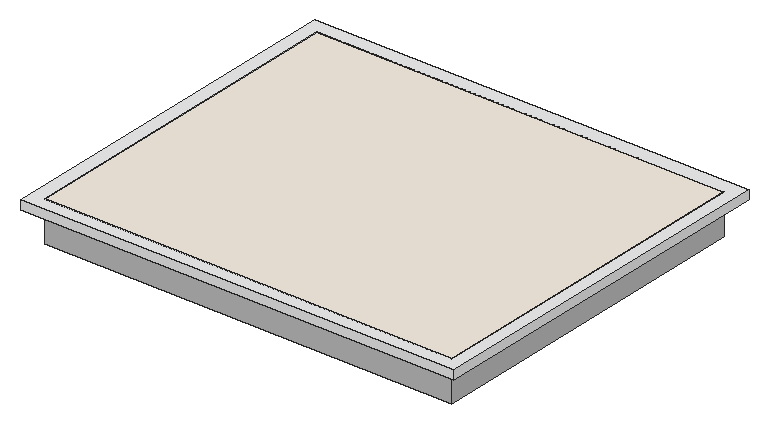
Revit family "Lighting-Industriale-GEWISS-ELIA-HL-LED_RIFLETTORE", category Apparecchi per illuminazione, host Superficie, Revit 2019 (continued)
Types (12, lengths in mm): name | Tensione | Scheda Tecnica | Potenza di sistema | Peso (kg): | Peso (kg) | Ottica | built-in parameter 1150142 | Lumen output (lm) | Modello | IDT | File diagramma fotometrico | Description
  GWF1001QH840 - ELIA HL L2 60° 4000K S.ALONE DALI | "220-240 V " | "https://www.gewiss.com/it/it/search?q=GWF1001QH840" | "200W" | "4,3" | "4,3" | "60°" | "IESNA:LM-63-1995\r\n[TEST] HB25-120-4080-60D-H00111\r\n[DATE] 27 Nov 2019\r\n[MANUFAC] GEWISS\r\n[LUMCAT] GWF1001QH840\r\n[LUMINAIRE] ELIA HL - L2 60° LED840 200W - DALI\r\n[FLASHAREA] 0.013851\r\n[LAMPCAT] LED 200W/27850lm\r\n[LAMP] LED 200W/27850lm\r\nTILT=NONE\r\n1 27850.00 1.0 181 37 1 2 -0.270 0.000 0.000\r\n1.00 1.00 200.00\r\n0.00 0.50 1.00 1.50 2.00 2.50 3.00 3.50 4.00 4.50 5.00 \r\n5.50 6.00 6.50 7.00 7.50 8.00 8.50 9.00 9.50 10.00 10.50 \r\n11.00 11.50 12.00 12.50 13.00 13.50 14.00 14.50 15.00 \r\n15.50 16.00 16.50 17.00 17.50 18.00 18.50 19.00 19.50 \r\n20.00 20.50 21.00 21.50 22.00 22.50 23.00 23.50 24.00 \r\n24.50 25.00 25.50 26.00 26.50 27.00 27.50 28.00 28.50 \r\n29.00 29.50 30.00 30.50 31.00 31.50 32.00 32.50 33.00 \r\n33.50 34.00 34.50 35.00 35.50 36.00 36.50 37.00 37.50 \r\n38.00 38.50 39.00 39.50 40.00 40.50 41.00 41.50 42.00 \r\n42.50 43.00 43.50 44.00 44.50 45.00 45.50 46.00 46.50 \r\n47.00 47.50 48.00 48.50 49.00 49.50 50.00 50.50 51.00 \r\n51.50 52.00 52.50 53.00 53.50 54.00 54.50 55.00 55.50 \r\n56.00 56.50 57.00 57.50 58.00 58.50 59.00 59.50 60.00 \r\n60.50 61.00 61.50 62.00 62.50 63.00 63.50 64.00 64.50 \r\n65.00 65.50 66.00 66.50 67.00 67.50 68.00 68.50 69.00 \r\n69.50 70.00 70.50 71.00 71.50 72.00 72.50 73.00 73.50 \r\n74.00 74.50 75.00 75.50 76.00 76.50 77.00 77.50 78.00 \r\n78.50 79.00 79.50 80.00 80.50 81.00 81.50 82.00 82.50 \r\n83.00 83.50 84.00 84.50 85.00 85.50 86.00 86.50 87.00 \r\n87.50 88.00 88.50 89.00 89.50 90.00 \r\n0.00 2.50 5.00 7.50 10.00 12.50 15.00 17.50 20.00 22.50 \r\n25.00 27.50 30.00 32.50 35.00 37.50 40.00 42.50 45.00 \r\n47.50 50.00 52.50 55.00 57.50 60.00 62.50 65.00 67.50 \r\n70.00 72.50 75.00 77.50 80.00 82.50 85.00 87.50 90.00 \r\n20514.31 20514.31 20505.95 20492.03 20469.75 20441.90 \r\n20414.05 20383.42 20347.21 20308.22 20266.45 20221.89 \r\n20171.76 20118.84 20057.57 19993.51 19921.10 19845.91 \r\n19767.93 19684.38 19598.05 19508.92 19414.24 19319.55 \r\n19222.07 19121.81 19018.76 18910.15 18798.75 18681.78 \r\n18559.24 18431.13 18297.45 18163.77 18027.31 17888.06 \r\n17746.02 17601.20 17453.60 17308.78 17158.39 17002.42 \r\n16838.11 16665.44 16484.42 16295.04 16097.30 15888.43 \r\n15676.76 15462.32 15242.31 15011.15 14774.43 14534.92 \r\n14284.26 14008.55 13716.13 13406.99 13089.50 12772.01 \r\n12451.74 12128.68 11808.40 11493.69 11190.13 10897.71 \r\n10613.64 10337.92 10067.77 9803.20 9538.63 9276.84 \r\n9015.05 8753.26 8497.04 8246.39 8001.31 7756.23 7516.72 \r\n7282.78 7057.19 6837.18 6625.52 6419.43 6218.91 6012.82 \r\n5806.73 5606.21 5414.04 5227.44 5046.42 4873.75 4706.65 \r\n4545.12 4383.59 4222.06 4063.32 3912.93 3768.11 3620.50 \r\n3481.25 3350.36 3227.82 3110.85 2996.66 2890.83 2787.78 \r\n2683.90 2581.97 2488.12 2398.16 2309.04 2221.87 2135.26 \r\n2051.15 1971.78 1895.47 1821.11 1750.37 1686.32 1625.05 \r\n1561.83 1500.56 1445.69 1393.34 1341.81 1291.40 1241.27 \r\n1193.65 1152.43 1112.61 1068.88 1025.72 987.28 950.80 \r\n914.32 880.06 851.65 824.64 795.40 765.04 732.73 699.87 \r\n667.56 637.49 611.86 589.31 568.70 548.64 524.97 501.02 \r\n478.74 458.13 439.19 421.93 406.89 394.91 387.95 381.82 \r\n373.19 360.94 342.00 320.83 300.50 280.17 259.76 238.37 \r\n214.75 189.85 164.09 137.89 111.01 85.95 65.48 48.24 \r\n33.64 22.04 13.82 8.42 5.32 4.70 \r\n20514.31 20514.31 20505.95 20492.03 20471.14 20443.29 \r\n20414.05 20382.02 20348.60 20309.61 20266.45 20221.89 \r\n20171.76 20116.06 20056.18 19989.34 19918.32 19844.52 \r\n19765.15 19681.60 19598.05 19507.53 19415.63 19320.94 \r\n19226.25 19125.99 19020.16 18911.54 18800.14 18683.17 \r\n18560.63 18431.13 18298.84 18165.16 18028.70 17889.45 \r\n17747.41 17602.59 17456.38 17310.17 17159.78 17003.82 \r\n16840.90 16669.62 16488.59 16296.43 16097.30 15889.82 \r\n15676.76 15462.32 15242.31 15012.54 14777.21 14537.70 \r\n14285.66 14011.34 13718.91 13411.17 13095.07 12774.80 \r\n12455.91 12134.25 11818.15 11506.23 11202.66 10908.84 \r\n10626.17 10346.27 10074.74 9808.77 9544.19 9279.62 \r\n9017.83 8756.04 8497.04 8246.39 7999.91 7759.01 7520.89 \r\n7289.74 7064.15 6844.14 6631.09 6424.99 6223.08 6016.99 \r\n5812.30 5610.38 5414.04 5226.05 5043.64 4869.57 4699.69 \r\n4535.37 4375.23 4212.31 4053.57 3903.18 3756.97 3610.75 \r\n3471.50 3343.39 3220.85 3102.49 2991.09 2883.87 2781.10 \r\n2676.94 2575.85 2481.85 2391.76 2303.20 2216.30 2130.11 \r\n2046.14 1966.07 1888.93 1814.43 1743.69 1679.49 1617.81 \r\n1555.14 1494.71 1439.43 1387.07 1335.55 1285.42 1235.70 \r\n1188.36 1147.28 1107.46 1064.57 1022.37 984.36 948.15 \r\n911.53 877.14 847.89 820.32 791.50 761.84 730.64 698.90 \r\n667.29 637.35 611.17 587.50 566.61 546.14 523.02 499.77 \r\n478.18 457.71 438.64 421.51 406.61 394.50 387.12 380.85 \r\n372.63 361.08 342.00 320.55 300.64 280.31 260.11 238.80 \r\n215.14 190.23 164.59 138.65 112.31 87.64 67.02 49.38 \r\n34.39 22.46 14.09 8.61 5.42 4.71 \r\n20514.31 20514.31 20505.95 20492.03 20471.14 20444.69 \r\n20414.05 20383.42 20348.60 20309.61 20266.45 20219.10 \r\n20170.36 20113.27 20052.00 19986.55 19915.53 19840.34 \r\n19760.97 19681.60 19595.26 19507.53 19417.02 19323.72 \r\n19226.25 19127.38 19021.55 18912.94 18801.53 18683.17 \r\n18560.63 18432.52 18298.84 18165.16 18027.31 17888.06 \r\n17746.02 17603.99 17457.77 17311.56 17161.17 17006.60 \r\n16843.68 16671.01 16489.99 16297.82 16098.69 15889.82 \r\n15676.76 15460.93 15240.91 15013.94 14778.60 14539.09 \r\n14287.05 14012.73 13721.69 13413.95 13096.46 12777.58 \r\n12455.91 12138.42 11825.11 11515.98 11213.80 10921.38 \r\n10635.91 10354.63 10080.31 9811.56 9548.37 9282.41 \r\n9017.83 8756.04 8497.04 8244.99 7999.91 7757.62 7522.29 \r\n7292.52 7066.94 6849.71 6636.66 6430.57 6227.26 6019.78 \r\n5812.30 5610.38 5412.65 5223.27 5039.46 4862.61 4691.33 \r\n4527.02 4364.10 4201.17 4042.43 3892.04 3745.83 3601.01 \r\n3463.15 3333.65 3212.50 3094.14 2982.74 2875.51 2772.33 \r\n2669.00 2568.74 2474.61 2384.10 2295.81 2209.62 2123.84 \r\n2040.29 1959.53 1881.69 1807.05 1736.59 1671.97 1610.15 \r\n1547.90 1488.03 1432.88 1380.25 1329.00 1278.87 1229.58 \r\n1182.79 1141.43 1101.75 1059.55 1018.20 980.88 944.81 \r\n908.61 874.07 843.99 815.59 787.04 758.22 728.00 697.50 \r\n666.59 636.79 610.05 585.55 564.10 543.63 520.93 498.51 \r\n477.07 456.88 437.94 420.81 406.05 394.08 386.56 380.01 \r\n372.08 360.80 341.86 320.41 300.64 280.59 260.40 239.18 \r\n215.48 190.55 165.03 139.31 113.45 89.13 68.33 50.34 \r\n35.04 22.83 14.33 8.78 5.50 4.72 \r\n20514.31 20514.31 20505.95 20493.42 20472.54 20444.69 \r\n20415.44 20383.42 20347.21 20308.22 20265.05 20217.71 \r\n20167.58 20110.49 20047.82 19982.38 19912.75 19837.56 \r\n19759.58 19677.42 19595.26 19507.53 19417.02 19323.72 \r\n19227.64 19127.38 19024.34 18915.72 18801.53 18684.56 \r\n18560.63 18431.13 18298.84 18163.77 18027.31 17888.06 \r\n17747.41 17602.59 17457.77 17312.95 17162.56 17008.00 \r\n16845.07 16672.40 16489.99 16297.82 16097.30 15889.82 \r\n15676.76 15459.54 15239.52 15012.54 14778.60 14539.09 \r\n14288.44 14014.12 13721.69 13415.35 13097.86 12777.58 \r\n12457.31 12141.21 11830.68 11524.33 11222.16 10929.73 \r\n10644.27 10361.59 10084.49 9814.34 9548.37 9282.41 \r\n9017.83 8753.26 8494.25 8242.21 7998.52 7757.62 7523.68 \r\n7295.31 7071.12 6852.49 6640.83 6433.35 6228.65 6019.78 \r\n5812.30 5608.99 5409.86 5219.09 5033.89 4855.65 4682.98 \r\n4515.88 4351.56 4188.64 4028.50 3878.11 3733.29 3591.26 \r\n3453.40 3323.90 3201.36 3085.78 2972.99 2865.77 2762.58 \r\n2659.95 2560.39 2466.26 2375.61 2287.60 2201.82 2116.74 \r\n2033.33 1952.15 1873.75 1799.39 1729.07 1664.04 1601.93 \r\n1540.38 1481.06 1425.78 1373.14 1321.90 1272.19 1223.17 \r\n1176.66 1135.31 1095.62 1054.26 1013.88 976.84 941.19 \r\n905.13 870.59 839.96 810.71 782.31 754.04 724.94 695.55 \r\n665.34 635.95 608.80 583.60 561.60 540.85 518.57 496.70 \r\n475.82 455.90 437.11 420.12 405.64 393.80 386.14 379.32 \r\n371.38 360.38 341.44 320.00 300.36 280.62 260.62 239.48 \r\n215.74 190.80 165.39 139.86 114.41 90.42 69.43 51.12 \r\n35.56 23.14 14.54 8.93 5.58 4.73 \r\n20514.31 20514.31 20505.95 20492.03 20472.54 20446.08 \r\n20415.44 20383.42 20348.60 20308.22 20262.27 20216.31 \r\n20164.79 20107.70 20045.04 19979.59 19909.97 19834.77 \r\n19756.79 19676.03 19591.08 19506.14 19417.02 19325.12 \r\n19229.03 19130.17 19024.34 18915.72 18801.53 18684.56 \r\n18560.63 18431.13 18297.45 18162.38 18027.31 17888.06 \r\n17747.41 17602.59 17457.77 17312.95 17162.56 17008.00 \r\n16846.47 16673.80 16489.99 16297.82 16097.30 15888.43 \r\n15673.98 15459.54 15239.52 15012.54 14780.00 14539.09 \r\n14287.05 14014.12 13723.09 13415.35 13099.25 12777.58 \r\n12457.31 12143.99 11836.25 11531.29 11231.91 10939.48 \r\n10649.84 10365.77 10087.27 9817.13 9548.37 9282.41 \r\n9016.44 8750.47 8490.07 8239.42 7995.74 7756.23 7523.68 \r\n7295.31 7073.90 6855.28 6642.23 6434.74 6228.65 6019.78 \r\n5810.90 5606.21 5407.08 5214.91 5026.93 4847.29 4673.23 \r\n4504.74 4339.03 4176.11 4015.97 3865.58 3722.15 3580.12 \r\n3443.65 3314.15 3193.00 3074.64 2963.24 2856.02 2752.14 \r\n2650.21 2551.48 2457.21 2366.28 2278.69 2193.33 2108.80 \r\n2025.81 1944.07 1865.53 1791.45 1721.27 1655.82 1593.58 \r\n1532.59 1473.82 1418.82 1365.90 1314.80 1265.23 1216.63 \r\n1170.40 1129.04 1089.35 1048.69 1009.01 972.52 937.29 \r\n901.50 866.83 835.64 805.98 777.43 749.44 721.45 693.19 \r\n663.80 634.98 607.27 581.51 559.09 537.92 516.20 494.89 \r\n474.29 454.65 436.13 419.28 405.36 393.66 385.72 378.62 \r\n370.82 359.96 341.02 319.58 300.22 280.67 260.77 239.68 \r\n215.93 190.97 165.64 140.29 115.20 91.49 70.34 51.75 \r\n35.98 23.39 14.73 9.06 5.65 4.74 \r\n20514.31 20514.31 20505.95 20492.03 20472.54 20446.08 \r\n20416.84 20383.42 20347.21 20306.83 20262.27 20213.53 \r\n20162.01 20103.52 20040.86 19975.41 19905.79 19831.99 \r\n19755.40 19673.24 19591.08 19504.75 19417.02 19325.12 \r\n19230.42 19131.56 19025.73 18917.11 18802.93 18683.17 \r\n18559.24 18431.13 18297.45 18162.38 18024.52 17886.66 \r\n17746.02 17603.99 17457.77 17312.95 17162.56 17008.00 \r\n16847.86 16675.19 16489.99 16297.82 16095.91 15888.43 \r\n15673.98 15458.14 15238.13 15012.54 14780.00 14540.49 \r\n14287.05 14012.73 13721.69 13415.35 13097.86 12778.97 \r\n12458.70 12148.17 11840.43 11536.86 11238.87 10946.44 \r\n10656.80 10369.95 10088.66 9815.73 9546.98 9278.23 \r\n9012.26 8747.69 8485.90 8236.64 7992.95 7754.83 7522.29 \r\n7296.70 7073.90 6856.67 6643.62 6434.74 6227.26 6016.99 \r\n5809.51 5603.42 5402.90 5207.95 5019.96 4838.94 4664.88 \r\n4493.60 4327.89 4162.18 4004.83 3853.05 3711.01 3568.98 \r\n3432.51 3304.40 3183.26 3064.89 2952.10 2846.27 2741.28 \r\n2640.04 2542.01 2447.60 2356.39 2269.22 2184.41 2100.17 \r\n2017.59 1935.85 1856.90 1783.10 1713.47 1647.75 1585.22 \r\n1524.65 1466.58 1411.44 1358.52 1307.56 1258.26 1209.94 \r\n1164.13 1122.49 1082.81 1042.70 1003.99 967.93 932.98 \r\n897.61 863.21 831.32 801.11 772.42 744.71 717.56 690.40 \r\n661.99 633.73 605.74 579.42 556.58 535.28 513.83 493.08 \r\n472.89 453.54 435.02 418.45 404.80 393.66 385.30 377.79 \r\n369.99 359.27 340.33 319.02 299.81 280.59 260.83 239.80 \r\n216.03 191.06 165.82 140.61 115.83 92.35 71.05 52.20 \r\n36.29 23.60 14.88 9.18 5.71 4.74 \r\n20514.31 20514.31 20505.95 20492.03 20472.54 20447.47 \r\n20416.84 20383.42 20345.82 20305.44 20260.88 20212.14 \r\n20159.22 20100.74 20038.08 19972.63 19901.61 19829.20 \r\n19752.61 19671.85 19589.69 19504.75 19417.02 19326.51 \r\n19231.82 19131.56 19027.12 18918.51 18802.93 18684.56 \r\n18560.63 18431.13 18298.84 18162.38 18024.52 17886.66 \r\n17746.02 17603.99 17459.17 17314.35 17163.95 17009.39 \r\n16849.25 16675.19 16491.38 16297.82 16095.91 15887.03 \r\n15673.98 15456.75 15236.74 15013.94 14780.00 14540.49 \r\n14287.05 14011.34 13721.69 13415.35 13097.86 12778.97 \r\n12460.09 12149.56 11844.61 11543.83 11245.83 10952.01 \r\n10660.98 10372.73 10090.06 9814.34 9545.59 9276.84 \r\n9009.48 8744.90 8483.11 8232.46 7990.16 7753.44 7522.29 \r\n7295.31 7073.90 6856.67 6643.62 6433.35 6225.87 6014.21 \r\n5805.33 5599.24 5397.33 5200.99 5011.61 4830.58 4655.13 \r\n4482.46 4315.36 4151.04 3990.91 3840.52 3697.09 3556.45 \r\n3422.77 3294.66 3172.12 3055.15 2942.35 2833.74 2730.41 \r\n2629.74 2532.40 2437.71 2346.36 2259.47 2175.09 2091.40 \r\n2009.10 1927.36 1848.40 1775.02 1705.67 1639.81 1577.01 \r\n1516.99 1459.48 1404.34 1351.42 1300.46 1251.44 1203.54 \r\n1158.00 1116.23 1076.40 1036.86 998.84 963.33 928.80 \r\n893.71 859.45 827.14 796.37 767.41 739.97 713.52 687.34 \r\n659.91 632.33 604.21 577.47 554.08 532.49 511.33 491.00 \r\n471.08 452.14 433.90 417.47 404.52 393.66 385.03 377.23 \r\n369.29 358.43 339.49 318.19 299.39 280.34 260.77 239.77 \r\n216.02 191.06 165.89 140.81 116.30 93.03 71.59 52.51 \r\n36.50 23.75 15.01 9.28 5.77 4.73 \r\n20514.31 20514.31 20505.95 20492.03 20472.54 20447.47 \r\n20415.44 20383.42 20345.82 20304.04 20259.48 20209.35 \r\n20156.44 20096.56 20033.90 19968.45 19900.22 19826.42 \r\n19749.83 19670.45 19588.30 19503.35 19417.02 19327.90 \r\n19231.82 19132.95 19029.90 18918.51 18802.93 18684.56 \r\n18560.63 18431.13 18298.84 18160.99 18023.13 17885.27 \r\n17746.02 17605.38 17460.56 17314.35 17165.35 17010.78 \r\n16849.25 16676.58 16489.99 16296.43 16095.91 15887.03 \r\n15672.59 15456.75 15236.74 15013.94 14782.78 14540.49 \r\n14287.05 14011.34 13721.69 13415.35 13099.25 12780.36 \r\n12462.88 12153.74 11848.78 11549.40 11251.40 10956.19 \r\n10665.16 10375.52 10090.06 9814.34 9544.19 9274.05 \r\n9005.30 8740.72 8480.33 8229.68 7987.38 7750.66 7519.50 \r\n7293.91 7072.51 6855.28 6642.23 6430.57 6221.69 6010.03 \r\n5799.76 5592.28 5391.76 5194.03 5003.25 4822.23 4645.38 \r\n4472.71 4304.22 4138.51 3978.37 3829.38 3685.95 3546.70 \r\n3411.63 3284.91 3160.98 3045.40 2932.61 2823.99 2719.55 \r\n2619.43 2522.65 2427.68 2336.06 2249.58 2165.76 2082.62 \r\n2000.60 1919.00 1840.05 1767.08 1698.29 1632.15 1569.07 \r\n1509.47 1452.52 1397.37 1344.46 1293.77 1244.76 1197.27 \r\n1151.74 1109.82 1070.00 1031.15 993.83 958.74 924.48 \r\n889.95 855.83 823.11 791.91 762.81 735.10 709.48 684.14 \r\n657.82 630.66 602.53 575.38 551.71 529.85 508.96 489.05 \r\n469.41 450.75 432.65 416.50 404.10 393.66 384.89 376.53 \r\n368.32 357.32 338.66 317.49 298.83 280.20 260.58 239.61 \r\n215.89 191.00 165.87 140.88 116.62 93.52 71.95 52.68 \r\n36.62 23.87 15.10 9.36 5.81 4.73 \r\n20514.31 20514.31 20504.56 20492.03 20472.54 20446.08 \r\n20416.84 20382.02 20344.42 20302.65 20258.09 20207.96 \r\n20155.05 20093.78 20029.72 19965.67 19897.43 19823.63 \r\n19747.04 19669.06 19586.90 19503.35 19418.41 19327.90 \r\n19233.21 19134.34 19029.90 18918.51 18804.32 18684.56 \r\n18560.63 18432.52 18298.84 18162.38 18024.52 17885.27 \r\n17747.41 17605.38 17461.95 17315.74 17165.35 17012.17 \r\n16852.03 16677.97 16492.77 16299.21 16097.30 15888.43 \r\n15675.37 15459.54 15238.13 15015.33 14784.17 14543.27 \r\n14288.44 14012.73 13721.69 13415.35 13100.64 12783.15 \r\n12465.66 12157.92 11854.35 11553.57 11256.97 10961.76 \r\n10667.94 10376.91 10090.06 9814.34 9542.80 9271.26 \r\n9003.91 8736.55 8477.54 8226.89 7984.60 7747.87 7519.50 \r\n7292.52 7071.12 6852.49 6640.83 6427.78 6217.51 6004.46 \r\n5794.19 5588.10 5384.80 5187.06 4994.90 4812.48 4635.63 \r\n4462.96 4291.69 4127.37 3968.63 3816.84 3674.81 3536.95 \r\n3401.88 3275.16 3152.62 3035.65 2924.25 2814.24 2709.25 \r\n2609.55 2513.18 2418.08 2326.31 2239.98 2156.43 2073.71 \r\n1992.25 1910.79 1832.11 1759.56 1691.19 1624.91 1561.55 \r\n1502.51 1445.97 1390.83 1337.91 1287.23 1238.63 1191.28 \r\n1146.17 1103.97 1064.01 1025.72 988.95 954.14 920.30 \r\n886.19 852.35 819.35 787.74 758.22 730.64 705.58 680.93 \r\n655.45 629.27 601.00 573.43 549.62 527.48 506.73 487.10 \r\n467.74 449.36 431.54 415.52 403.69 393.80 384.75 375.84 \r\n367.34 356.20 337.40 316.52 298.27 279.75 260.27 239.27 \r\n215.63 190.80 165.74 140.85 116.78 93.84 72.13 52.72 \r\n36.66 23.94 15.18 9.43 5.85 4.73 \r\n20514.31 20512.92 20504.56 20492.03 20472.54 20446.08 \r\n20416.84 20382.02 20345.82 20302.65 20256.70 20206.57 \r\n20150.87 20092.38 20028.33 19964.27 19894.65 19822.24 \r\n19747.04 19667.67 19585.51 19503.35 19418.41 19327.90 \r\n19234.60 19135.74 19029.90 18919.90 18804.32 18684.56 \r\n18560.63 18432.52 18300.24 18163.77 18024.52 17886.66 \r\n17747.41 17608.16 17463.34 17318.52 17168.13 17014.96 \r\n16853.43 16679.37 16494.16 16300.60 16098.69 15889.82 \r
